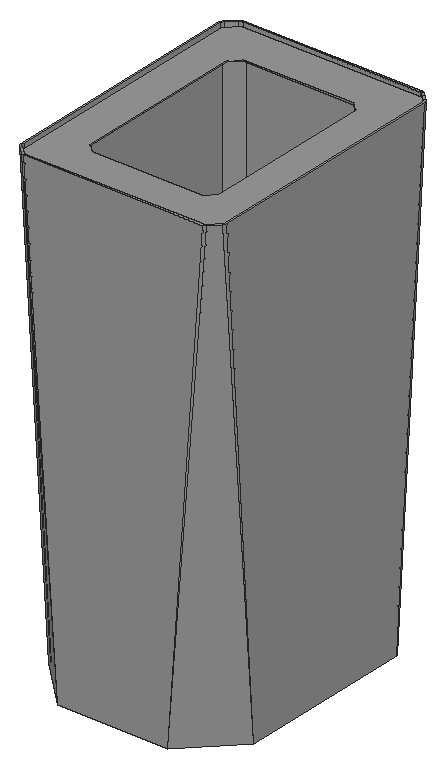
Revit family "KST-1612L-H-PL", category Furniture, Revit 2020
Family settings
  OmniClass Number = 23.40.20.00
  OmniClass Title = General Furniture and Specialties
  Work Plane-Based = No
  Always vertical = Yes
  Cut with Voids When Loaded = No
  Shared = No
  Room Calculation Point = No
Parameters (values of type "28" Tall - 12 x 16" - Planter")
  URL = "https://magnusongroup.com/products/planters/kasta.html"
  Top Material [instance] = RAL6011 GREEN
  Model = "KST-1612L-H-PL"
  Manufacturer = "Magnuson Group"
  Default Elevation = 0' - 0"
  Body Material [instance] = RAL7001 GREY
  28" Tall - 12x16 - Planter Opening = yes
  28" Tall - 12x16 - Planter = yes
Reference planes (in)
  plane 1 "Center Front/Back": y = 0
  plane 2: z = 0
  plane 3 "Center Left/Right": x = 0
  plane 4 "Bottom of Receptacle": z = 0.48416
  plane 5 "Bottom of Receptacle Void": z = 0.58572
Forms (in)
  SweptBlend 1, solid, material "RAL7001 GREY" <- "Body Material", visible <- "28" Tall - 12x16 - Planter"
    path origin (0, 0, 0.48416) x (1, 0, 0) y (0, 0, 1)
      loop
        line (0, 0) -> (0, 28.05)
    profile origin (0, 0, 0.48416) x (-1, 0, 0) y (0, -1, 0)
      loop
        line (3.205, -8) -> (6, -5.205) -> (6, 5.205) -> (3.205, 8) -> (-3.205, 8) -> (-6, 5.205) -> (-6, -5.205) -> (-3.205, -8) -> (3.205, -8)
    end profile origin (0, 0, 28.53416) x (-1, 0, 0) y (0, -1, 0)
      loop
        arc (5.22145, -8) -> (5.31712, -7.98097) -> (5.39822, -7.92678) r 0.25
        line (5.39822, -7.92678) -> (5.92678, -7.39822)
        arc (5.92678, -7.39822) -> (5.98097, -7.31712) -> (6, -7.22145) r 0.25
        line (6, -7.22145) -> (6, 7.22145)
        arc (6, 7.22145) -> (5.98097, 7.31712) -> (5.92678, 7.39822) r 0.25
        line (5.92678, 7.39822) -> (5.39822, 7.92678)
        arc (5.39822, 7.92678) -> (5.31712, 7.98097) -> (5.22145, 8) r 0.25
        line (5.22145, 8) -> (-5.22145, 8)
        arc (-5.22145, 8) -> (-5.31712, 7.98097) -> (-5.39822, 7.92678) r 0.25
        line (-5.39822, 7.92678) -> (-5.92678, 7.39822)
        arc (-5.92678, 7.39822) -> (-5.98097, 7.31712) -> (-6, 7.22145) r 0.25
        line (-6, 7.22145) -> (-6, -7.22145)
        arc (-6, -7.22145) -> (-5.98097, -7.31712) -> (-5.92678, -7.39822) r 0.25
        line (-5.92678, -7.39822) -> (-5.39822, -7.92678)
        arc (-5.39822, -7.92678) -> (-5.31712, -7.98097) -> (-5.22145, -8) r 0.25
        line (-5.22145, -8) -> (5.22145, -8)
  SweptBlend 2, void
    path origin (0, 0, 0.48416) x (1, 0, 0) y (0, 0, 1)
      loop
        line (0, 0.1) -> (0, 28.05)
    profile origin (0, 0, 0.58416) x (-1, 0, 0) y (0, -1, 0)
      loop
        line (-3.16293, -7.89844) -> (3.16293, -7.89844) -> (5.89844, -5.16293) -> (5.89844, 5.16293) -> (3.16293, 7.89844) -> (-3.16293, 7.89844) -> (-5.89844, 5.16293) -> (-5.89844, -5.16293) -> (-3.16293, -7.89844)
    end profile origin (0, 0, 28.53416) x (-1, 0, 0) y (0, -1, 0)
      loop
        line (5.35615, -7.82521) -> (5.82521, -7.35615)
        arc (5.82521, -7.35615) -> (5.87941, -7.27505) -> (5.89844, -7.17938) r 0.25
        line (5.89844, -7.17938) -> (5.89844, 7.17938)
        arc (5.89844, 7.17938) -> (5.87941, 7.27505) -> (5.82521, 7.35615) r 0.25
        line (5.82521, 7.35615) -> (5.35615, 7.82521)
        arc (5.35615, 7.82521) -> (5.27505, 7.87941) -> (5.17938, 7.89844) r 0.25
        line (5.17938, 7.89844) -> (-5.17938, 7.89844)
        arc (-5.17938, 7.89844) -> (-5.27505, 7.87941) -> (-5.35615, 7.82521) r 0.25
        line (-5.35615, 7.82521) -> (-5.82521, 7.35615)
        arc (-5.82521, 7.35615) -> (-5.87941, 7.27505) -> (-5.89844, 7.17938) r 0.25
        line (-5.89844, 7.17938) -> (-5.89844, -7.17938)
        arc (-5.89844, -7.17938) -> (-5.87941, -7.27505) -> (-5.82521, -7.35615) r 0.25
        line (-5.82521, -7.35615) -> (-5.35615, -7.82521)
        arc (-5.35615, -7.82521) -> (-5.27505, -7.87941) -> (-5.17938, -7.89844) r 0.25
        line (-5.17938, -7.89844) -> (5.17938, -7.89844)
        arc (5.17938, -7.89844) -> (5.27505, -7.87941) -> (5.35615, -7.82521) r 0.25
  Extrusion 3, solid, material "RAL6011 GREEN" <- "Top Material", visible <- "28" Tall - 12x16 - Planter Opening"
    sketch origin (0, 0, 0.48416) x (0, -1, 0) y (1, 0, 0)
      loop
        arc (-7.35615, -5.82521) -> (-7.27505, -5.87941) -> (-7.17938, -5.89844) r 0.25
        line (-7.17938, -5.89844) -> (7.17938, -5.89844)
        arc (7.17938, -5.89844) -> (7.27505, -5.87941) -> (7.35615, -5.82521) r 0.25
        line (7.35615, -5.82521) -> (7.82521, -5.35615)
        arc (7.82521, -5.35615) -> (7.87941, -5.27505) -> (7.89844, -5.17938) r 0.25
        line (7.89844, -5.17938) -> (7.89844, 5.17938)
        arc (7.89844, 5.17938) -> (7.87941, 5.27505) -> (7.82521, 5.35615) r 0.25
        line (7.82521, 5.35615) -> (7.35615, 5.82521)
        arc (7.35615, 5.82521) -> (7.27505, 5.87941) -> (7.17938, 5.89844) r 0.25
        line (7.17938, 5.89844) -> (-7.17938, 5.89844)
        arc (-7.17938, 5.89844) -> (-7.27505, 5.87941) -> (-7.35615, 5.82521) r 0.25
        line (-7.35615, 5.82521) -> (-7.82521, 5.35615)
        arc (-7.82521, 5.35615) -> (-7.87941, 5.27505) -> (-7.89844, 5.17938) r 0.25
        line (-7.89844, 5.17938) -> (-7.89844, -5.17938)
        arc (-7.89844, -5.17938) -> (-7.87941, -5.27505) -> (-7.82521, -5.35615) r 0.25
        line (-7.82521, -5.35615) -> (-7.35615, -5.82521)
      loop
        line (-5.5, -3.25) -> (-5, -3.75) -> (5, -3.75) -> (5.5, -3.25) -> (5.5, 3.25) -> (5, 3.75) -> (-5, 3.75) -> (-5.5, 3.25) -> (-5.5, -3.25)
    from 27.73828 to 27.82031
  Extrusion 4, solid, material "RAL9011 BLACK", visible <- "28" Tall - 12x16 - Planter"
    sketch origin (0, 0, 0.48416) x (0, -1, 0) y (1, 0, 0)
      loop
        line (-6.10938, -3.50241) -> (-5.25241, -4.35937) -> (5.25241, -4.35937) -> (6.10937, -3.50241) -> (6.10937, 3.50241) -> (5.25241, 4.35938) -> (-5.25241, 4.35938) -> (-6.10938, 3.50241) -> (-6.10938, -3.50241)
      loop
        line (-5.20063, -4.23437) -> (5.20063, -4.23437) -> (5.98437, -3.45063) -> (5.98437, 3.45063) -> (5.20063, 4.23438) -> (-5.20063, 4.23438) -> (-5.98438, 3.45063) -> (-5.98438, -3.45063) -> (-5.20063, -4.23437)
    from 18.73828 to 27.72656
  Extrusion 5, solid, material "RAL9011 BLACK", visible <- "28" Tall - 12x16 - Planter"
    sketch origin (0, 0, 0.48416) x (0, -1, 0) y (1, 0, 0)
      loop
        line (-6.10938, -3.50241) -> (-5.25241, -4.35937) -> (5.25241, -4.35937) -> (6.10937, -3.50241) -> (6.10937, 3.50241) -> (5.25241, 4.35938) -> (-5.25241, 4.35938) -> (-6.10938, 3.50241) -> (-6.10938, -3.50241)
    from 18.48238 to 18.73828
  Extrusion 6, solid, material "RAL9011 BLACK"
    sketch origin (0, 0, 0) x (1, 0, 0) y (0, 1, 0)
      loop
        circle (-3.73437, 5.73438) r 0.31641
      loop
        circle (3.73438, 5.73438) r 0.31641
      loop
        circle (3.73438, -5.73437) r 0.31641
      loop
        circle (-3.73437, -5.73437) r 0.31641
    from 0 to 0.48416
Cuts and joins
  SweptBlend 2 cuts SweptBlend 1
Dimensions and locks (in)
  SweptBlend 1 sketch curve to SweptBlend 1 sketch curve = 1' - 4"  (x2)
  SweptBlend 1 sketch curve to SweptBlend 1 sketch curve = 1' - 0"  (x2)
  SweptBlend 1 sketch curve to SweptBlend 1 sketch curve = 0' - 10.41"
  SweptBlend 1 sketch curve to SweptBlend 1 sketch curve = 0' - 6.41"
  SweptBlend 1 sketch curve to SweptBlend 1 sketch curve = 1' - 2.79645"
  SweptBlend 1 sketch curve to SweptBlend 1 sketch curve = 0' - 10.79645"
  Extrusion 3 sketch curve to Extrusion 3 sketch curve = 0' - 11"
  Extrusion 3 sketch curve to Extrusion 3 sketch curve = 0' - 7 1/2"
  Extrusion 3 sketch curve to Extrusion 3 sketch curve = 0' - 10"
  Extrusion 3 sketch curve to Extrusion 3 sketch curve = 0' - 6 1/2"
  aligned and locked: level to plane 2
